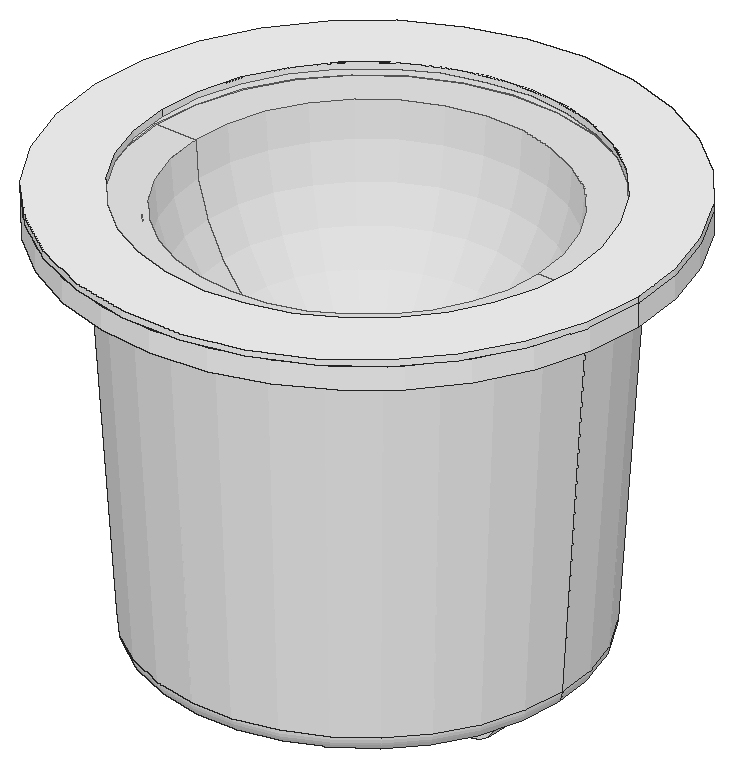
Revit family "2058862 Feilo Sylvania Lighting Fixture MYRD IP ST 3K PHDMEM WHT WBEZ", category Lighting Fixtures, host Face, Revit 2017
Family settings
  Host = Face
  Round Connector Dimension = Use Diameter
  Part Type = Normal
  OmniClass Number = 23.80.70.11.17
  OmniClass Title = Specialized Lighting by Location or Use
  Cut with Voids When Loaded = No
  Light Source = Yes
  Shared = No
  Room Calculation Point = No
Parameters
  Weight = "1.44 kg"
  Wattage = 15 W
  WarrantyStartDate [instance] = "n/a"
  WarrantyGuarantorParts = "n/a"
  WarrantyDurationUnit = "n/a"
  WarrantyDurationParts = "n/a"
  WarrantyDescription = "n/a"
  built-in parameter 1150110 = 1 (stored number, unit not read)
  Voltage = 230 V
  URL = "http://www.sylvania-lighting.com"
  TypeName = "MYRD IP ST 3K PHDMEM WHT WBEZ"
  Type Image = 0
  Type Comments = ""
  built-in parameter 1114217 = 1 (stored number, unit not read)
  Tilt Angle = -90°
  built-in parameter 1150109 = 1 (stored number, unit not read)
  built-in parameter 1150134 = (empty or 0)
  built-in parameter 1150113 = 1 (stored number, unit not read)
  SerialNumber [instance] = "n/a"
  Reflector Radius = Cutout Diameter / 2 - 2.5 mm  # 35.0 mm
  Reflector Material = Aluminum_Sylvania_Myriad_Bright
  Recessed Depth = Height  # 72.0 mm
  PowerFactor = 0
  PowerConsumption = "15 W"
  Photometric Web File = "2058862.ies"
  NominalWidth = 0.0 mm
  NominalLength = 76.0 mm
  NominalHeight = 72.0 mm
  Name = "MYRD IP ST 3K PHDMEM WHT WBEZ"
  ModelReference = "MYRD IP ST 3K PHDMEM WHT WBEZ"
  ModelNumber = "2058862"
  Material = "Aluminium"
  ManufacturerName = "Feilo Sylvania"
  LuminousEfficacy = "62 lm/W"
  LuminaireType = "Ceiling recessed"
  LightOutputRatio = "1"
  LampsType = Lamp  # "LED"
  LampNominalLuminous = "932 lm"
  LampMacAdamStep = "n/a"
  LampColourTemperature = "3000 K"
  LampColourRenderingIndex = "n/a"
  Keynote = "16500"
  Keynote_2 = "16500"
  InstallationDate [instance] = "n/a"
  InputVoltage = "230-240V~"
  InputNominalFrequency = "50/60 Hz"
  IngressProtection = "IP65"
  ImpactProtectionIndex = "IK02"
  IfcExportType = "IfcLightFixtureType"
  IfcExportAs = "IfcLightFixtureType"
  Height = 72.0 mm  # constant formula
  ExpectedLife = 50000
  Emit from Circle Diameter = Accessory Inner Diameter 2  # 68.0 mm
  Emit Shape Visible in Rendering = no
  ElectricShockClassification = "Class II"
  DurationUnit = "hours"
  DocumentationLiterature = "http://www.sylvania-lighting.com/product/en-int/products/2058862"
  DimmingControlOptions = "Dimmable"
  Diffuser Material = Glass_Sylvania_Myriad_Clear_4000K
  Diffuser Diameter = Cutout Diameter  # 75.0 mm
  Cutout Diameter = 75.0 mm  # constant formula
  CreatedOn = "03-11-2017"
  CreatedBy = ""
  Cost = 0
  built-in parameter 1114216 [instance] = 1 (stored number, unit not read)
  Model = "MYRD IP ST 3K PHDMEM WHT WBEZ"
  Manufacturer = "Feilo Sylvania"  # constant formula
  built-in parameter 1150105 = 74.007 (stored number, unit not read)
  Lumens = 930 lm
  built-in parameter 1150115 = 1 (stored number, unit not read)
  built-in parameter 1150137 = (empty or 0)
  built-in parameter 1150139 = (empty or 0)
  built-in parameter 1150112 = 1 (stored number, unit not read)
  built-in parameter 1150114 = 1 (stored number, unit not read)
  Lamp = "LED"
  built-in parameter 1150132 = (empty or 0)
  built-in parameter 1150102 = (empty or 0)
  built-in parameter 1150107 = 3000 (stored number, unit not read)
  built-in parameter 1150138 = (empty or 0)
  built-in parameter 1150106 = 0.74007 (stored number, unit not read)
  built-in parameter 1150104 = 5.76 (stored number, unit not read)
  Dimming Lamp Color Temperature Shift = (empty or 0)
  Description = "Supplied complete with electronic control gear Compact Fluorescent low energy downlight Emergency version passes through the cut out Ideal for low level orientation lighting New range of Architectural accessories each providing a different lit dimension New completely flush plaster up accessory ring for clean ceiling lines and smooth finish Order lamp separately"  # constant formula
  Default Elevation = 0.0 mm
  Color Filter = 16777215
  built-in parameter 1140040 [instance] = 1
  Body Radius = Reflector Radius + 1.5 mm  # 36.5 mm
  Body Material = Aluminum_Sylvania_Myriad_Gray
  BarCode [instance] = "n/a"
  built-in parameter 1114218 = 1 (stored number, unit not read)
  built-in parameter 1150133 = 10 (stored number, unit not read)
  AssetType = "Fixed"
  AssetIdentifier [instance] = "n/a"
  Assembly Code = "D5020200"
  Apparent Load = 15 VA
  Accessory Material = Aluminum_Sylvania_Myriad_White
  Accessory Inner Diameter 2 = Accessory Diameter - 22.0 mm  # 68.0 mm
  Accessory Inner Diameter 1 = Accessory Diameter - 2.0 mm  # 88.0 mm
  Accessory Diameter = Cutout Diameter + 15.0 mm  # 90.0 mm
Reference planes
  plane 1 "Center (Front/Back)": y = 0
  plane 2: z = 0
  plane 3 "Center (Left/Right)": x = 0
  plane 4: z = 2
  plane 5 "Fixture Bottom": z = 4.5
  plane 6: z = -28.5
  plane 7: z = -61.5
  plane 8 "Fixture Top": z = -67.5
  plane 9: z = 3.5
Forms (mm)
  Revolve 1, solid, material "Aluminum_Sylvania_Myriad_Bright" <- "Reflector Material", detail levels fine
    sketch origin (0, 0, 0) x (1, 0, 0) y (0, 0, 1)
      loop
        line (0, -27.515) -> (-6, -27.515)
        arc (-6, -27.515) -> (-22.333, -16.632) -> (-28.5, 2) r 30.135
        line (-28.5, 2) -> (-35, 2) -> (-35, 0) -> (-29.184, 0)
        arc (-29.184, 0) -> (-22.423, -18.18) -> (-6, -28.5) r 30.204
        line (-6, -28.5) -> (0, -28.5) -> (0, -27.515)
      axis (0, -28.5) -> (0, 2)
    angle from 0 to 360
  Revolve 2, solid, material "Aluminum_Sylvania_Myriad_Gray" <- "Body Material", detail levels fine
    sketch origin (0, 0, 0) x (1, 0, 0) y (0, 0, 1)
      loop
        line (-44, 2) -> (-44, 0) -> (-36.5, 0) -> (-32.42, -58.708)
        arc (-32.42, -58.708) -> (-31.474, -60.694) -> (-29.428, -61.5) r 3
        line (-29.428, -61.5) -> (0, -61.5) -> (0, -28.5) -> (-6, -28.5)
        arc (-6, -28.5) -> (-22.423, -18.18) -> (-29.184, 0) r 30.204
        line (-29.184, 0) -> (-35, 0) -> (-35, 2) -> (-44, 2)
      axis (0, 2) -> (0, -61.5)
    angle from 0 to 360
  Extrusion 3, solid, material "Aluminum_Sylvania_Myriad_Gray" <- "Body Material", detail levels fine
    sketch origin (0, 0, 0) x (1, 0, 0) y (0, 0, 1)
      loop
        line (-13.5, -67.5) -> (21, -67.5)
        arc (21, -67.5) -> (23.828, -66.328) -> (25, -63.5) r 4
        line (25, -63.5) -> (25, -61.5) -> (-17.5, -61.5) -> (-17.5, -63.5)
        arc (-17.5, -63.5) -> (-16.328, -66.328) -> (-13.5, -67.5) r 4
    from -4.5 to 4.5
  Extrusion 4, solid, material "Aluminum_Sylvania_Myriad_White" <- "Accessory Material", detail levels fine
    sketch origin (0, 0, 0) x (1, 0, 0) y (0, 1, 0)
      loop
        circle (0, 0) r 45
      loop
        circle (0, 0) r 44
    from 0 to 3.5
  Extrusion 5, solid, material "Aluminum_Sylvania_Myriad_White" <- "Accessory Material", detail levels fine
    sketch origin (0, 0, 0) x (1, 0, 0) y (0, 1, 0)
      loop
        circle (0, 0) r 45
      loop
        circle (0, 0) r 34
    from 3.5 to 4.5
  Extrusion 6, solid, material "Aluminum_Sylvania_Myriad_White" <- "Accessory Material", detail levels coarse+medium
    sketch origin (0, 0, 0) x (1, 0, 0) y (0, 1, 0)
      loop
        circle (0, 0) r 45
    from 0 to 4.5
  Revolve 7, solid, detail levels coarse+medium
    sketch origin (0, 0, 0) x (1, 0, 0) y (0, 0, 1)
      loop
        line (36.5, 0) -> (0, 0) -> (0, -61.5) -> (32.226, -61.5) -> (36.5, 0)
      axis (0, 0) -> (0, -61.5)
    angle from 0 to 360
  Extrusion 8, void
    sketch origin (0, 0, 0) x (1, 0, 0) y (0, 1, 0)
      loop
        circle (0, 0) r 37.5
    from -67.5 to 0
  Extrusion 9, solid, material "Glass_Sylvania_Myriad_Clear_4000K" <- "Diffuser Material", detail levels fine
    sketch origin (0, 0, 0) x (1, 0, 0) y (0, 1, 0)
      loop
        circle (0, 0) r 37.5
    from 2 to 3.5
Cuts and joins
  joined: Extrusion 4, Extrusion 5
Lines and regions (mm)
  Masking region 1
    outline origin (0, 0, 0) x (1, 0, 0) y (0, 1, 0)
      loop
        circle (0, 0) r 45
  symbolic lines
    curve 1: arc (-34, 0, 0) -> (0, 34, 0) -> (34, 0, 0) r 34
    curve 2: arc (34, 0, 0) -> (0, -34, 0) -> (-34, 0, 0) r 34
Dimensions and locks
  locked: plane 7 to plane 8 "Fixture Top" at 6
  "Body Radius": Revolve 7 sketch curve to plane 3 "Center (Left/Right)"
  locked: Revolve 7 sketch curve to Revolve 7 sketch curve at 4.274
  plane 5 "Fixture Bottom" to plane 9 to plane 4 to plane 2 to plane 6 = 1.0 mm locked, 1.5 mm locked, 2.0 mm locked, 28.5 mm locked
  "Reflector Radius": Revolve 1 sketch curve to plane 3 "Center (Left/Right)"
  Revolve 1 sketch curve to Revolve 1 sketch curve to Revolve 1 sketch curve to Revolve 1 sketch curve = 6.5 mm locked, 22.5 mm locked, 0.0 mm locked
  "Reflector Radius": plane 3 "Center (Left/Right)" to Revolve 2 sketch curve
  Revolve 2 sketch curve to Revolve 2 sketch curve to Revolve 2 sketch curve = 7.5 mm locked, 1.5 mm locked
  Revolve 2 sketch curve to Revolve 2 sketch curve to Revolve 2 sketch curve = 5.816 mm locked, 23.184 mm locked
  Revolve 2 sketch curve to Revolve 2 sketch curve to Revolve 2 sketch curve = 2.58 mm locked, 2.993 mm locked
  "Accessory Diameter": diameter of Extrusion 4 sketch curve
  "Accessory Inner Diameter 1": diameter of Extrusion 4 sketch curve
  "Accessory Diameter": diameter of Extrusion 5 sketch curve
  "Accessory Diameter": diameter of Extrusion 6 sketch curve
  "Cutout Diameter": diameter of Extrusion 8 sketch curve
  "Accessory Inner Diameter 2": diameter of Extrusion 5 sketch curve
  "Diffuser Diameter": diameter of Extrusion 9 sketch curve
  aligned and locked: plane 2 to host face
  aligned and locked: level to host face
  aligned and locked: plane 1 "Center (Front/Back)" to imposter light
  aligned and locked: plane 3 "Center (Left/Right)" to imposter light
  aligned and locked: Revolve 1 sketch curve to imposter light
  aligned and locked: Extrusion 3 sketch curve to plane 8 "Fixture Top"
  aligned and locked: plane 7 to Extrusion 3 sketch curve
  aligned and locked: Extrusion 4 to plane 2
  aligned and locked: plane 9 to Extrusion 4
  aligned and locked: Extrusion 5 to plane 9
  aligned and locked: plane 5 "Fixture Bottom" to Extrusion 5
  aligned and locked: Extrusion 6 to plane 2
  aligned and locked: plane 5 "Fixture Bottom" to Extrusion 6
  aligned and locked: Extrusion 8 to plane 8 "Fixture Top"
  aligned and locked: plane 2 to Extrusion 8
  aligned and locked: Masking region 1 sketch curve to Extrusion 6  (x2)
  aligned and locked: Extrusion 9 to plane 4
  aligned and locked: plane 9 to Extrusion 9
  aligned and locked: plane 4 to Revolve 2 sketch curve
  aligned and locked: Revolve 2 sketch curve to plane 2
  aligned and locked: curve 1 to cut or joined group of Extrusion 4, Extrusion 5
  aligned and locked: curve 2 to cut or joined group of Extrusion 4, Extrusion 5
  aligned and locked: imposter light to plane 5 "Fixture Bottom"
Automatic sketch dimensions
  host sketch curve to host sketch curve = 1305.563 mm
  host sketch curve to host sketch curve = 1283.632 mm
  Extrusion 3 sketch curve to plane 7 = 2.0 mm
  Extrusion 3 sketch curve to plane 3 "Center (Left/Right)" = 13.5 mm
  plane 3 "Center (Left/Right)" to Extrusion 3 sketch curve = 21.0 mm
  Extrusion 3 sketch curve to Extrusion 3 sketch curve = 4.0 mm
  Revolve 1 sketch curve to level = 0.0 mm
  Revolve 1 sketch curve to plane 3 "Center (Left/Right)" = 0.0 mm
  Revolve 1 sketch curve to plane 6 = 0.0 mm
  Revolve 1 sketch curve to plane 4 = 0.0 mm
  Revolve 1 sketch curve to Revolve 1 sketch curve = 0.684 mm
  level to Revolve 1 sketch curve = 0.88 mm
  Revolve 1 sketch curve to plane 4 = 0.363 mm
  Revolve 1 sketch curve to Revolve 1 sketch curve = 0.625 mm
  Revolve 1 sketch curve to plane 8 "Fixture Top" = 232.8 mm
  plane 5 "Fixture Bottom" to Revolve 1 sketch curve = 291.243 mm
  Revolve 2 sketch curve to plane 3 "Center (Left/Right)" = 0.0 mm  (x2)
  Revolve 2 sketch curve to plane 7 = 0.0 mm
  Revolve 2 sketch curve to plane 6 = 0.0 mm
  Revolve 2 sketch curve to level = 0.0 mm
  level to Revolve 2 sketch curve = 0.88 mm
  plane 7 to Revolve 2 sketch curve = 2.792 mm
  Revolve 2 sketch curve to plane 8 "Fixture Top" = 304.774 mm
  plane 5 "Fixture Bottom" to Revolve 2 sketch curve = 1137.105 mm
  Extrusion 4 sketch curve to Extrusion 4 sketch curve = 0.0 mm  (x2)
  plane 1 "Center (Front/Back)" to Extrusion 4 sketch curve = 0.0 mm
  Extrusion 4 sketch curve to plane 3 "Center (Left/Right)" = 0.0 mm
  Extrusion 5 sketch curve to Extrusion 5 sketch curve = 0.0 mm  (x2)
  plane 1 "Center (Front/Back)" to Extrusion 5 sketch curve = 0.0 mm
  Extrusion 5 sketch curve to plane 3 "Center (Left/Right)" = 0.0 mm
  plane 1 "Center (Front/Back)" to Extrusion 6 sketch curve = 0.0 mm
  Extrusion 6 sketch curve to plane 3 "Center (Left/Right)" = 0.0 mm
  Revolve 7 sketch curve to level = 0.0 mm
  Revolve 7 sketch curve to plane 3 "Center (Left/Right)" = 0.0 mm  (x2)
  Revolve 7 sketch curve to plane 7 = 0.0 mm
  Revolve 7 sketch curve to plane 8 "Fixture Top" = 304.774 mm
  plane 5 "Fixture Bottom" to Revolve 7 sketch curve = 43.226 mm
  plane 1 "Center (Front/Back)" to Extrusion 8 sketch curve = 0.0 mm
  Extrusion 8 sketch curve to plane 3 "Center (Left/Right)" = 0.0 mm
  plane 1 "Center (Front/Back)" to Extrusion 9 sketch curve = 0.0 mm
  Extrusion 9 sketch curve to plane 3 "Center (Left/Right)" = 0.0 mm
Connectors
  electrical at (-0.006, -0.019, -67.5), driven by "Apparent Load", driven by "Apparent Load"
    settings: on plane 8 "Fixture Top", index 1, voltage 230 V, apparent load 15 VA, apparent load phase1 15 VA, apparent load phase2 0 VA, apparent load phase3 0 VA, power factor 1, load classification "Lighting", number of poles 1, system type 30, power factor state 1, is connector primary yes, connector utility no, sub classification motor no, connector description ""
